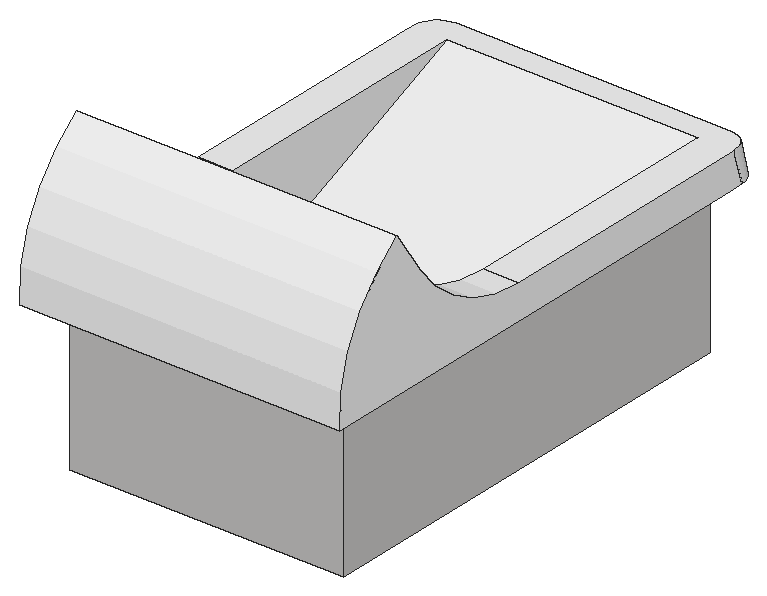
Revit family "rba-bim-rba8140-500", category Specialty Equipment, host Face, Revit 2018
Family settings
  Host = Face
  Round Connector Dimension = Use Diameter
  Part Type = Normal
  OmniClass Number = 23.40.20.21.17
  OmniClass Title = Paper Towel Dispensers, Disposal Units
  Cut with Voids When Loaded = No
  Shared = Yes
  Room Calculation Point = No
Parameters (values of type "RBA8140-500")
  Warranty Documentation Link = "https://www.whitehallmfg.com/uploads/docs/WH_Terms_Fixture.pdf"
  URL = "www.rba.com.au"
  Type Comments = ""
  Product Documentation Link = "https://www.whitehallmfg.com/uploads/fileLibrary/WHD-TP.pdf"
  Price = "Prices may vary. Please consult Manufacturer Representative for most up-to-date price list."  # constant formula
  Mounting Frame Material = Metal-Whitehall-Galvanized Steel
  Modified Issue = "20211020.01"
  Model = "RBA8140-500"
  Materials and Finishes = Corterra® Solid Surface
  Manufacturer = "RBA Group"  # constant formula
  Length = 177.8 mm
  Installation Type = "Wall Mounted"  # constant formula
  Holder Material = Polymer Resin Corterra-Whitehall-Blanco (OCC11)
  Height = 292.1 mm
  Frame Thickness = 85.725 mm
  Frame Length = 152.4 mm
  Frame Height = 254 mm
  Description = "Recessed Dignity Ligature Resistant Toilet Roll Holder"
  Default Elevation = 0 mm
  Creation Date = "07/23/2021"  # constant formula
  Copyright by = "RBA Group"  # constant formula
  Assembly Code = "C1030200"
  -OCC Optional Corterra Color Specify OCC- = no
Reference planes
  plane 1 "Center (Front/Back)": y = 0
  plane 2: z = 0
  plane 3 "Center (Left/Right)": x = 0
  plane 4: x = 76.2
  plane 5: x = -76.2
  plane 6: y = 146.05
  plane 7: y = -146.05
  plane 8: x = -88.9
  plane 9: x = 88.9
  plane 10: y = -127
  plane 11: y = 127
  plane 12: z = -85.725
  plane 13: z = 19.05
  plane 14: x = 69.85
  plane 15: x = -69.85
Forms (mm)
  Extrusion 1, solid, material "Polymer Resin Corterra-Whitehall-Blanco (OCC11)" <- "Holder Material"
    sketch origin (345.858, 321.814, 0) x (1, 0, 0) y (0, 0, -1)
      loop
        line (-269.658, 0) -> (-269.658, 85.725) -> (-422.058, 85.725) -> (-422.058, 0) -> (-269.658, 0)
    from -448.814 to -194.814
  Extrusion 2, solid, material "Polymer Resin Corterra-Whitehall-Blanco (OCC11)" <- "Holder Material"
    sketch origin (615.493, -247.369, 0) x (0, -1, 0) y (0, 0, -1)
      loop
        line (-101.228, 0) -> (-393.419, 0) -> (-388.314, -19.05) -> (-225.666, -19.05)
        arc (-225.666, -19.05) -> (-186.855, -28.743) -> (-157.158, -55.544) r 82.55
        line (-157.158, -55.544) -> (-141.143, -79.366)
        arc (-141.143, -79.366) -> (-110.779, -44.917) -> (-101.228, 0) r 90.514
    from -704.393 to -526.593
  Extrusion 3, void
    sketch origin (615.493, -247.369, 0) x (0, 1, 0) y (0, 0, -1)
      loop
        line (374.369, -19.05) -> (210.069, 49.372)
        arc (210.069, 49.372) -> (141.82, 17.991) -> (157.158, -55.544) r 60.276
        line (157.158, -55.544) -> (374.369, -55.544) -> (374.369, -19.05)
    from 545.643 to 685.343
  Extrusion 4, void
    sketch origin (0, 0, 0) x (1, 0, 0) y (0, 1, 0)
      loop
        line (-76.2, 127) -> (-76.2, -127) -> (76.2, -127) -> (76.2, 127) -> (-76.2, 127)
    from -85.725 to 0
  Blend 5, void
    base sketch origin (0, 0, 0) x (1, 0, 0) y (0, 1, 0)
      loop
        line (-88.9, 127) -> (-88.9, 133.35)
        arc (-88.9, 133.35) -> (-85.18, 142.33) -> (-76.2, 146.05) r 12.7
        line (-76.2, 146.05) -> (76.2, 146.05)
        arc (76.2, 146.05) -> (85.18, 142.33) -> (88.9, 133.35) r 12.7
        line (88.9, 133.35) -> (88.9, 127) -> (101.6, 127) -> (101.6, 165.1) -> (-101.6, 165.1) -> (-101.6, 127) -> (-88.9, 127)
    top sketch origin (0, 0, 0) x (1, 0, 0) y (0, 1, 0)
      loop
        line (-101.6, 123.825) -> (-88.9, 123.825) -> (-88.9, 128.246)
        arc (-88.9, 128.246) -> (-85.18, 137.226) -> (-76.2, 140.946) r 12.7
        line (-76.2, 140.946) -> (76.2, 140.946)
        arc (76.2, 140.946) -> (85.18, 137.226) -> (88.9, 128.246) r 12.7
        line (88.9, 128.246) -> (88.9, 123.825) -> (101.6, 123.825) -> (101.6, 165.1) -> (-101.6, 165.1) -> (-101.6, 123.825)
    from 0 to 19.05
Cuts and joins
  Extrusion 3, Blend 5 cuts Extrusion 1
  Extrusion 3, Blend 5 cuts Extrusion 2
  joined: Extrusion 1, Extrusion 2
Lines and regions (mm)
  Masking region 1
    outline origin (345.858, 321.814, 0) x (1, 0, 0) y (0, 0, -1)
      loop
        line (-434.758, -79.366) -> (-256.958, -79.366) -> (-256.958, 0) -> (-434.758, 0) -> (-434.758, -79.366)
  symbolic lines, detail levels medium+fine
    curve 1: line (-88.9, 321.814, 19.05) -> (88.9, 321.814, 19.05)
  symbolic lines, detail levels fine
    curve 2: line (69.85, 321.814, 55.544) -> (69.85, 321.814, 19.05)
    curve 3: line (-69.85, 321.814, 55.544) -> (69.85, 321.814, 55.544)
    curve 4: line (-69.85, 321.814, 19.05) -> (-69.85, 321.814, 55.544)
Dimensions and locks
  equal spacing: plane 5, plane 3 "Center (Left/Right)", plane 4
  "Frame Length": plane 5 to plane 4
  equal spacing: plane 7, plane 1 "Center (Front/Back)", plane 6
  "Height": plane 6 to plane 7
  equal spacing: plane 8, plane 3 "Center (Left/Right)", plane 9
  "Length": plane 8 to plane 9
  equal spacing: plane 10, plane 1 "Center (Front/Back)", plane 11
  "Frame Height": plane 10 to plane 11
  "Frame Thickness": host face to plane 12
  plane 13 to host face = 19.05 mm
  plane 5 to plane 4 = 152.4 mm
  plane 9 to plane 8 = 177.8 mm
  plane 12 to host face = 85.725 mm
  host face to plane 13 = 19.05 mm
  plane 7 to plane 6 = 292.1 mm
  locked: plane 14 to plane 4 at 6.35
  locked: plane 15 to plane 5 at 6.35
  aligned and locked: plane 2 to host face
  aligned and locked: level to host face
  aligned and locked: Extrusion 1 sketch curve to level
  aligned and locked: plane 4 to Extrusion 1 sketch curve
  aligned and locked: plane 12 to Extrusion 1 sketch curve
  aligned and locked: plane 5 to Extrusion 1 sketch curve
  aligned and locked: Extrusion 1 to plane 10
  aligned and locked: Extrusion 1 to plane 11
  aligned and locked: Extrusion 2 to plane 8
  aligned and locked: plane 9 to Extrusion 2
  aligned and locked: Extrusion 4 to plane 5
  aligned and locked: Extrusion 4 to plane 4
  aligned and locked: Extrusion 4 to plane 10
  aligned and locked: Extrusion 4 to plane 11
  aligned and locked: level to Extrusion 4
  aligned and locked: Extrusion 3 to plane 14
  aligned and locked: host face to Masking region 1 sketch curve
  aligned and locked: Extrusion 4 to plane 12
Automatic sketch dimensions
  host sketch curve to host sketch curve = 2438.4 mm  (x2)
  Extrusion 2 sketch curve to Extrusion 2 sketch curve = 5.104 mm
  Extrusion 2 sketch curve to Extrusion 2 sketch curve = 162.648 mm
  Extrusion 2 sketch curve to Extrusion 2 sketch curve = 34.024 mm
  Extrusion 2 sketch curve to Extrusion 2 sketch curve = 34.485 mm
  Extrusion 2 sketch curve to Extrusion 2 sketch curve = 16.014 mm
  Extrusion 2 sketch curve to Extrusion 2 sketch curve = 55.93 mm
  Extrusion 3 sketch curve to Extrusion 3 sketch curve = 38.481 mm
  Extrusion 3 sketch curve to Extrusion 3 sketch curve = 164.3 mm
  Extrusion 2 sketch curve to level = 0 mm
  Extrusion 2 sketch curve to plane 6 = 0 mm
  Extrusion 2 sketch curve to plane 13 = 0 mm
  level to Extrusion 2 sketch curve = 55.544 mm
  Extrusion 2 sketch curve to Extrusion 2 sketch curve = 23.822 mm
  Extrusion 3 sketch curve to plane 11 = 0 mm
  Extrusion 3 sketch curve to plane 13 = 0 mm
  level to Extrusion 3 sketch curve = 9.151 mm
  plane 1 "Center (Front/Back)" to Extrusion 3 sketch curve = 51.73 mm
  plane 13 to Extrusion 3 sketch curve = 36.494 mm
  Extrusion 4 sketch curve to plane 6 = 19.05 mm
  Extrusion 4 sketch curve to plane 9 = 165.1 mm
  Extrusion 4 sketch curve to plane 7 = 19.05 mm
  Extrusion 4 sketch curve to Extrusion 4 sketch curve = 152.4 mm
  curve 1 to plane 8 = 0 mm
  curve 1 to plane 9 = 0 mm
  curve 4 to plane 13 = 0 mm
  curve 4 to plane 15 = 0 mm
  plane 14 to curve 3 = 0 mm
  plane 13 to curve 4 = 36.494 mm
  Masking region 1 sketch curve to plane 8 = 0 mm
  Masking region 1 sketch curve to plane 9 = 0 mm
  plane 13 to Masking region 1 sketch curve = 60.316 mm
  Blend 5 sketch curve to plane 8 = 0 mm  (x2)
  Blend 5 sketch curve to plane 5 = 0 mm  (x2)
  Blend 5 sketch curve to plane 9 = 0 mm  (x2)
  plane 11 to Blend 5 sketch curve = 3.175 mm  (x2)
  Blend 5 sketch curve to Blend 5 sketch curve = 12.7 mm
  Blend 5 sketch curve to plane 4 = 0 mm  (x2)
  plane 9 to Blend 5 sketch curve = 12.7 mm  (x2)
  Blend 5 sketch curve to plane 11 = 1.246 mm
  plane 6 to Blend 5 sketch curve = 19.05 mm  (x2)
  plane 11 to Blend 5 sketch curve = 0 mm  (x2)
  Blend 5 sketch curve to plane 6 = 0 mm
  Blend 5 sketch curve to plane 8 = 12.7 mm
